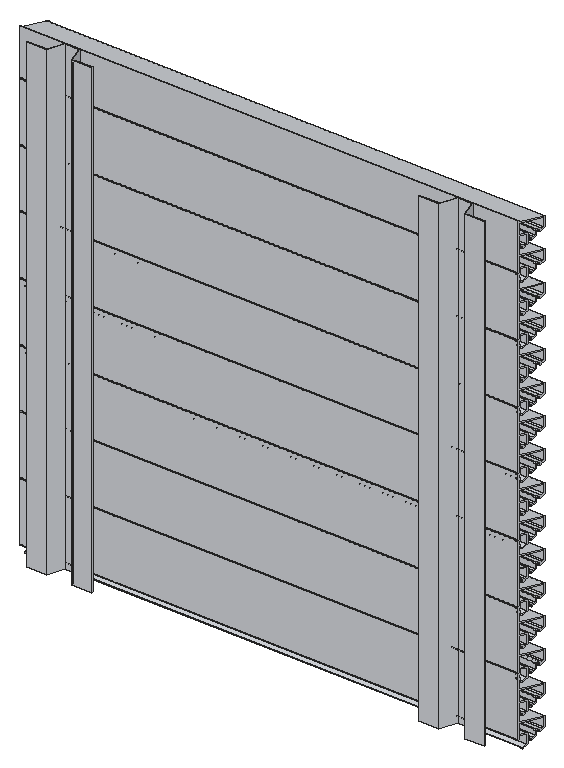
Revit family "NLRS_23_GM_WPB_HS50R gevelbekleding_jazo_jazo", category Generic Models, Revit 2020 (continued)
Definition of nested family "NLRS_31_GM_UN_HS50R skin schoep enkel-AV"
  Automatic sketch dimensions
    Extrusion 1 sketch curve to Extrusion 1 sketch curve = 0.384 mm  (x7)
    Extrusion 1 sketch curve to level = 5.852 mm
    Extrusion 1 sketch curve to Extrusion 1 sketch curve = 0.437 mm  (x2)
    Extrusion 1 sketch curve to Extrusion 1 sketch curve = 0.819 mm  (x2)
    Extrusion 1 sketch curve to Extrusion 1 sketch curve = 0.795 mm
    Extrusion 1 sketch curve to level = 8.398 mm
    Extrusion 1 sketch curve to Extrusion 1 sketch curve = 2.138 mm
    Extrusion 1 sketch curve to Extrusion 1 sketch curve = 2.248 mm
    Extrusion 1 sketch curve to Extrusion 1 sketch curve = 8.247 mm
    Extrusion 1 sketch curve to Extrusion 1 sketch curve = 0.626 mm
    Extrusion 1 sketch curve to Extrusion 1 sketch curve = 0.955 mm
    Extrusion 1 sketch curve to Extrusion 1 sketch curve = 1.722 mm  (x3)
    Extrusion 1 sketch curve to Extrusion 1 sketch curve = 3.126 mm
    Extrusion 1 sketch curve to Extrusion 1 sketch curve = 8.248 mm
    Extrusion 1 sketch curve to Extrusion 1 sketch curve = 0.82 mm
    Extrusion 1 sketch curve to level = 20.17 mm
    Extrusion 1 sketch curve to Extrusion 1 sketch curve = 6.939 mm
    Extrusion 1 sketch curve to Extrusion 1 sketch curve = 1.6 mm
    Extrusion 1 sketch curve to Extrusion 1 sketch curve = 4.368 mm
    Extrusion 1 sketch curve to Extrusion 1 sketch curve = 17.698 mm
    Extrusion 1 sketch curve to Extrusion 1 sketch curve = 21.147 mm
    plane 8 "Top" to Extrusion 1 sketch curve = 7.3 mm
    Extrusion 1 sketch curve to Extrusion 1 sketch curve = 1.8 mm
    plane 8 "Top" to Extrusion 1 sketch curve = 0.9 mm
Definition of nested family "NLRS_31_GA_UN_error message skin"
  Parameters (values of type "error message")
    NLRS_C_zichtbaar_10 = if(NLRS_C_zichtbaar_01, 1 < 2, if(NLRS_C_zichtbaar_02, 1 < 2, if(NLRS_C_zichtbaar_04, 1 < 2, if(NLRS_C_zichtbaar_03, 1 < 2, 2 < 1))))  # yes
    NLRS_C_zichtbaar_04 = if(NLRS_C_breedte < NLRS_C_breedte_min, 1 < 2, 2 < 1)  # no
    NLRS_C_zichtbaar_03 = if(NLRS_C_hoogte < NLRS_C_hoogte_min, 1 < 2, 2 < 1)  # yes
    NLRS_C_zichtbaar_02 = if(NLRS_C_diepte < NLRS_C_diepte_min, 1 < 2, 2 < 1)  # no
    NLRS_C_zichtbaar_01 = if(NLRS_C_diepte > NLRS_C_diepte_max, 1 < 2, 2 < 1)  # no
    NLRS_C_hoogte_min = 360.0 mm
    NLRS_C_hoogte = 200.0 mm
    NLRS_C_diepte_min = 82.5 mm
    NLRS_C_diepte_max = 366.5 mm
    NLRS_C_diepte = 100.0 mm
    NLRS_C_breedte_min = 350.0 mm
    NLRS_C_breedte = 1000.0 mm
  Reference planes
    plane 1: y = 0
    plane 2: x = 0
  Lines and regions (mm)
    Filled region 1, type "Zwart", not visible
      outline origin (253.64, 140.595, 0) x (1, 0, 0) y (0, 1, 0)
        loop
          line (134.592, 287.146) -> (41.891, 131.062)
          arc (41.891, 131.062) -> (41.863, 128.047) -> (44.47, 126.53) r 3
          line (44.47, 126.53) -> (229.873, 126.53)
          arc (229.873, 126.53) -> (232.48, 128.047) -> (232.452, 131.062) r 3
          line (232.452, 131.062) -> (139.751, 287.146)
          arc (139.751, 287.146) -> (137.171, 288.614) -> (134.592, 287.146) r 3
        loop
          line (62.04, 139.53) -> (212.303, 139.53) -> (137.171, 266.031) -> (62.04, 139.53)
    Filled region 2, type "Geel", not visible
      outline origin (253.64, 140.595, 0) x (1, 0, 0) y (0, 1, 0)
        loop
          line (62.04, 139.53) -> (212.303, 139.53) -> (137.171, 266.031) -> (62.04, 139.53)
    Filled region 3, type "Zwart", not visible
      outline origin (253.64, 140.595, 0) x (1, 0, 0) y (0, 1, 0)
        loop
          line (127.78, 234.406) -> (132.476, 171.156) -> (141.867, 171.156) -> (146.563, 234.406) -> (127.78, 234.406)
        loop
          circle (137.171, 160.994) r 7.044
    Filled region 4, type "Rood 2", visible <- "NLRS_C_zichtbaar_10"
      outline origin (0, 0, 0) x (1, 0, 0) y (0, 1, 0)
        loop
          line (-50, 14) -> (-50, -14) -> (50, -14) -> (50, 14) -> (-50, 14)
  Text (mm)
    text "Error: Diepte > Max Diepte" at (-1.89, 6.09, 0), visible <- "NLRS_C_zichtbaar_01"
    text "Error: Diepte < Min Diepte" at (-1.89, 6.09, 0), visible <- "NLRS_C_zichtbaar_02"
    text "Error: Width < Min Width" at (-1.89, 0.09, 0), visible <- "NLRS_C_zichtbaar_04"
    text "Error: Height < Min Height" at (-1.89, -6.16, 0), visible <- "NLRS_C_zichtbaar_03"
  Dimensions and locks
    equal spacing: Filled region 4 sketch curve, plane 1, Filled region 4 sketch curve
    Filled region 4 sketch curve to Filled region 4 sketch curve = 28.0 mm
    plane 1 to Filled region 4 sketch curve = 14.0 mm
    equal spacing: Filled region 4 sketch curve, plane 2, Filled region 4 sketch curve
    Filled region 4 sketch curve to plane 2 = 50.0 mm
